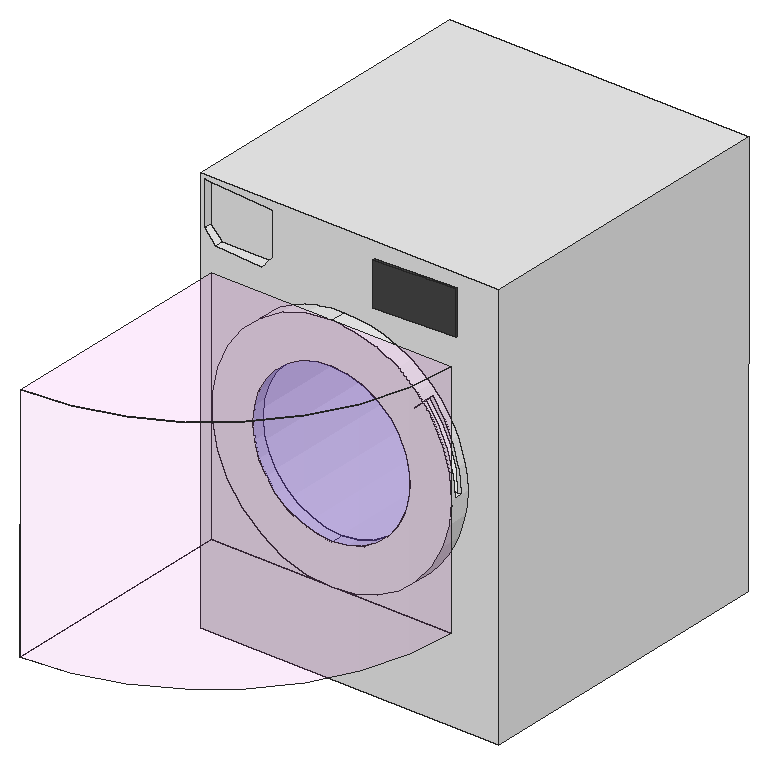
Revit family "QF_Summit_SLW241W_Washer", category Specialty Equipment, Revit 2020
Family settings
  Round Connector Dimension = Use Diameter
  Part Type = Normal
  Work Plane-Based = No
  Always vertical = Yes
  Cut with Voids When Loaded = No
  Shared = No
  Room Calculation Point = No
Parameters
  Weight in Pounds = 172
  Watts = Volts * FL Amps  # 3300 W
  Waste Water Discharge Temperature = -459.67 °F
  Volts = 220 V
  URL Cutsheet = ""
  Specification by User = ""
  Specification by Manufacturer = ""
  Show Clearance [instance] = yes
  Serial Number = ""
  Seismic Rating = ""
  SMACNA No = ""
  Revision Code = ""
  Plumbing Remarks = ""
  Plumbing Connection Type = ""
  Phase = 1
  Number of Poles = 1
  NAFEM Spec ID Number = ""
  Model = "SLW241W"
  Min Ckt Ampacity = 0 A
  Max Overcurrent Protection = 0 A
  Masterspec = ""
  Manufacturer = "Summit"
  Length = 23.63"
  Item Number = ""
  Installed By = ""
  Indirect Waste Size = 1/2"
  Indirect Waste Flow = 0 GPM
  Indirect Waste Connection Type = ""
  Indirect Waste Connection Height = 0"
  Identify Quantity as Lot = yes
  Height = 33"
  HP = ""
  Furnished By = ""
  Foodservice Equipment Identifier = yes
  FL Amps = 15 A
  Electrical Remarks = ""
  Electric Connection Type = ""
  Elec Conn RI Height = 0"
  Elec Conn Connection Height = 0"
  Description = "Washer"
  Depth = 26 1/2"
  Default Elevation = 0"
  Cycle = 60 Hz
  Conn Plug = ""
  Conn Conduit = yes
  CSI MasterFormat = ""
  Apparent Power = 0 VA
Reference planes (in)
  plane 1 "BACK": y = 0
  plane 2: z = 0
  plane 3 "LEFT": x = 0
  plane 4 "RIGHT": x = 23.63
  plane 5 "FRONT": y = -26.5
  plane 6 "TOP": z = 33
  plane 7 "Center Y": x = 11.815
  plane 8 "Center X": y = -13.25
Dimensions and locks (in)
  equal spacing: plane 3 "LEFT", plane 7 "Center Y", plane 4 "RIGHT"
  "Length": plane 3 "LEFT" to plane 4 "RIGHT"
  equal spacing: plane 5 "FRONT", plane 8 "Center X", plane 1 "BACK"
  "Depth": plane 5 "FRONT" to plane 1 "BACK"
  "Height": plane 6 "TOP" to level
  aligned and locked: level to plane 2
Nested families (in)
  nested 1: "SLW241W" at (0, 0, 0), Show Clearance <- "Show Clearance", type "SLW241W"
    with Show Clearance yes
Connectors (in)
  electrical at (21.30856, 0.03125, 30.38377), driven by "Volts", driven by "Watts"
    settings: on nested 1, index 1, voltage 220 V, apparent load 3300 VA, apparent load phase1 0 VA, apparent load phase2 0 VA, apparent load phase3 0 VA, power factor 1, load classification "Other", number of poles 1, system type 30, power factor state 1, is connector primary yes, connector utility no, sub classification motor no, connector description "ELECTRICAL CONNECTION"
  piping at (21.32796, 0.03125, 3.09496), diameter 0.5
    settings: on nested 1, index 2, connector inside diameter 24", connector length 0", flow factor 0, pipe flow 0 GPM, pressure drop 0.00 psi, fitting loss kfactor 0, connector angle 0.00°, fixture units 0, engagement length 0", angle of deflection 0.00°, flow configuration 1, flow direction 2, fitting loss method 0, system type 16, joint type 0, gender type 0, connector reference index -1, connector utility 0, adjustable connector no, is connector primary yes, connector description "DRAIN"
Definition of nested family "SLW241W"
  Parameters (values of type "SLW241W")
    Weight in Pounds = 0
    URL Cutsheet = ""
    Specification by User = ""
    Specification by Manufacturer = ""
    Show Clearance [instance] = yes
    Serial Number = ""
    Seismic Rating = ""
    SMACNA No = ""
    Revision Code = ""
    NAFEM Spec ID Number = ""
    Masterspec = ""
    Length = 23.63"
    Item Number = ""
    Installed By = ""
    Identify Quantity as Lot = yes
    Height = 33"
    Furnished By = ""
    Foodservice Equipment Identifier = yes
    Depth = 26 1/2"
    Default Elevation = 0"
    CSI MasterFormat = ""
  Reference planes (in)
    plane 1 "BACK": y = 0
    plane 2: z = 0
    plane 3 "LEFT": x = 0
    plane 4 "RIGHT": x = 23.63
    plane 5 "FRONT": y = -26.5
    plane 6 "TOP": z = 33
    plane 7 "Center Y": x = 11.815
    plane 8 "Center X": y = -13.25
    plane 9: y = -24.74063
    plane 10: y = -45.5
  Forms (in)
    Extrusion 1, solid
      sketch origin (-2.32989, -180, 0.69367) x (-1, 0, 0) y (0, -1, 0)
        loop
          line (-2.32989, -180) -> (-2.32989, -155.25937)
          arc (-2.32989, -155.25937) -> (-14.14489, -154.67897) -> (-25.95989, -155.25937) r 120.54737
          line (-25.95989, -155.25937) -> (-25.95989, -180) -> (-2.32989, -180)
      from 0 to 32.30633
    Extrusion 2, solid
      sketch origin (0, -24.74063, 33) x (0, 0, -1) y (1, 0, 0)
        loop
          circle (15, 11.815) r 9.5
        loop
          circle (15, 11.815) r 6.25
      from -1.25 to 1.75937
    Extrusion 3, void
      sketch origin (-9.40533, -8.1954, 48) x (1, 0, 0) y (0, 0, 1)
        loop
          circle (21.22033, -30) r 9.25
      from 0 to 17.3494
    Extrusion 4, solid
      sketch origin (0, -26.5, 33) x (0, 0, -1) y (1, 0, 0)
        loop
          circle (15, 11.815) r 6.25
      from 0 to -0.95521
    Extrusion 5, void
      sketch origin (0, 0, 0) x (1, 0, 0) y (0, 0, 1)
        loop
          line (0.33507, 32.71404) -> (0.33507, 29.27654) -> (1.27257, 28.33904) -> (5.14757, 28.33904) -> (6.08507, 29.27654) -> (6.08507, 32.71404) -> (0.33507, 32.71404)
      from 24.18146 to 25.39822
    Extrusion 6, solid
      sketch origin (-2.32989, -180, 0.69367) x (-1, 0, 0) y (0, -1, 0)
        loop
          line (-16.54807, -156) -> (-16.54807, -154.60178)
          arc (-16.54807, -154.60178) -> (-19.7062, -154.70446) -> (-22.86057, -154.88988) r 120.54737
          line (-22.86057, -154.88988) -> (-22.86057, -156) -> (-16.54807, -156)
      from 28.02443 to 31.4516
    Extrusion 7, void
      sketch origin (0, 0, 0) x (1, 0, 0) y (0, 0, 1)
        loop
          line (19.01937, 24.1925) -> (18.1466, 23.31974)
          arc (18.1466, 23.31974) -> (18.07344, 23.13766) -> (18.15426, 22.95885) r 0.25
          arc (18.15426, 22.95885) -> (19.64634, 20.83611) -> (20.11685, 18.28445) r 6.07631
          arc (20.11685, 18.28445) -> (20.18706, 18.1024) -> (20.36672, 18.02625) r 0.25
          line (20.36672, 18.02625) -> (21.31496, 18.02625)
          arc (21.31496, 18.02625) -> (20.71805, 21.31446) -> (19.01937, 24.1925) r 9.5
      from 25.54479 to 26.2372
    Extrusion 8, solid
      sketch origin (0, 0, 0) x (1, 0, 0) y (0, 0, 1)
        loop
          circle (21.32796, 3.09496) r 0.25
        loop
          circle (21.30856, 30.38377) r 0.25
      from 0 to -0.03125
    Revolve 9, solid
      sketch origin (0, -4, 0) x (1, 0, 0) y (0, 0, 1)
        loop
          line (3, 0.69367) -> (3, 0) -> (3.75, 0) -> (3.75, 0.34782) -> (3.5, 0.34782) -> (3.5, 0.69367) -> (3, 0.69367)
        axis (3, 0.69367) -> (3, 0)
      angle from 0 to 360
    Revolve 10, solid
      sketch origin (23.63, -4, 0) x (-1, 0, 0) y (0, 0, 1)
        loop
          line (3, 0.69367) -> (3, 0) -> (3.75, 0) -> (3.75, 0.34782) -> (3.5, 0.34782) -> (3.5, 0.69367) -> (3, 0.69367)
        axis (3, 0.69367) -> (3, 0)
      angle from 0 to 360
    Revolve 11, solid
      sketch origin (0, -22.5, 0) x (1, 0, 0) y (0, 0, -1)
        loop
          line (3, -0.69367) -> (3.5, -0.69367) -> (3.5, -0.34782) -> (3.75, -0.34782) -> (3.75, 0) -> (3, 0) -> (3, -0.69367)
        axis (3, -0.69367) -> (3, 0)
      angle from 0 to 360
    Revolve 12, solid
      sketch origin (23.63, -22.5, 0) x (-1, 0, 0) y (0, 0, 1)
        loop
          line (3, 0.69367) -> (3, 0) -> (3.75, 0) -> (3.75, 0.34782) -> (3.5, 0.34782) -> (3.5, 0.69367) -> (3, 0.69367)
        axis (3, 0.69367) -> (3, 0)
      angle from 0 to 360
    Extrusion 13, solid, visible <- "Show Clearance"
      sketch origin (11.815, -180, 8.5) x (-1, 0, 0) y (0, -1, 0)
        loop
          line (9.5, -153.5) -> (9.5, -134.5)
          arc (9.5, -134.5) -> (-3.93503, -140.06497) -> (-9.5, -153.5) r 19
          line (-9.5, -153.5) -> (9.5, -153.5)
      from 0 to 19
  Cuts and joins
    Extrusion 3, Extrusion 5, Extrusion 7 cuts Extrusion 1
    Extrusion 3, Extrusion 5, Extrusion 7 cuts Extrusion 2
    Extrusion 7 cuts Extrusion 6
    joined: Extrusion 1, Extrusion 2, Extrusion 6
  Lines and regions (in)
    Split face 1
      outline origin (11.815, -26.5, 8.5) x (1, 0, 0) y (0, 0, 1)
        loop
          circle (0, 9.5) r 8.5
    symbolic lines, visible <- "Show Clearance"
      curve 1: arc (18.76948, -36, 0) -> (20.66759, -31.41756, 0) -> (21.315, -26.5, 0) r 19
      curve 2: line (2.315, -26.5, 0) -> (18.76948, -36, 0)
    symbolic lines
      curve 3: line (0, 0, 0) -> (0, -24.74063, 0)
      curve 4: arc (0, -24.74063, 0) -> (11.815, -25.32103, 0) -> (23.63, -24.74063, 0) r 120.54737
      curve 5: line (23.63, -24.74063, 0) -> (23.63, 0, 0)
      curve 6: line (23.63, 0, 0) -> (0, 0, 0)
      curve 7: arc (14.21818, -25.39822, 0) -> (17.37631, -25.29554, 0) -> (20.53068, -25.11012, 0) r 120.54737
      curve 8: line (14.21818, -25.39822, 0) -> (14.21818, -25.29707, 0)
      curve 9: line (20.53068, -25.11012, 0) -> (20.53068, -25.00554, 0)
      curve 10: line (19.01937, -25.54479, 0) -> (19.01937, -26.2372, 0)
      curve 11: line (19.01937, -26.2372, 0) -> (21.315, -26.2372, 0)
      curve 12: line (19.01937, -25.54479, 0) -> (21.315, -25.54479, 0)
      curve 13: line (21.315, -26.5, 0) -> (21.315, -24.94611, 0)
      curve 14: line (21.315, -26.5, 0) -> (2.315, -26.5, 0)
      curve 15: line (2.315, -26.5, 0) -> (2.315, -24.94611, 0)
  Dimensions and locks (in)
    equal spacing: plane 3 "LEFT", plane 7 "Center Y", plane 4 "RIGHT"
    "Length": plane 3 "LEFT" to plane 4 "RIGHT"
    equal spacing: plane 5 "FRONT", plane 8 "Center X", plane 1 "BACK"
    "Depth": plane 5 "FRONT" to plane 1 "BACK"
    "Height": plane 6 "TOP" to level
    plane 1 "BACK" to plane 10 = 45 1/2"
    aligned and locked: level to plane 2
  Automatic sketch dimensions
    Extrusion 2 sketch curve to Extrusion 2 sketch curve = 0"  (x2)
    Extrusion 2 sketch curve to plane 7 "Center Y" = 0"
    Extrusion 2 sketch curve to plane 6 "TOP" = 15"
    Extrusion 3 sketch curve to plane 7 "Center Y" = 0"
    Extrusion 3 sketch curve to plane 6 "TOP" = 15"
    plane 3 "LEFT" to Extrusion 5 sketch curve = 0.33507"
    plane 3 "LEFT" to Extrusion 5 sketch curve = 1.27257"
    Extrusion 5 sketch curve to Extrusion 5 sketch curve = 3 7/8"
    Extrusion 5 sketch curve to plane 6 "TOP" = 0.28596"
    Extrusion 5 sketch curve to Extrusion 5 sketch curve = 15/16"  (x2)
    Extrusion 5 sketch curve to Extrusion 5 sketch curve = 3 7/16"  (x2)
    Extrusion 6 sketch curve to plane 9 = 0.74063"
    plane 4 "RIGHT" to Extrusion 6 sketch curve = 3.09932"
    plane 9 to Extrusion 6 sketch curve = 0.65759"
    plane 7 "Center Y" to Extrusion 6 sketch curve = 2.40318"
    plane 7 "Center Y" to Extrusion 6 sketch curve = 0.06528"
    Extrusion 6 sketch curve to plane 1 "BACK" = 95.12647"
    Extrusion 7 sketch curve to plane 7 "Center Y" = 0"
    plane 7 "Center Y" to Extrusion 7 sketch curve = 2.22881"
    plane 4 "RIGHT" to Extrusion 7 sketch curve = 5.4834"
    Extrusion 7 sketch curve to Extrusion 7 sketch curve = 0.17678"  (x2)
    Extrusion 7 sketch curve to Extrusion 7 sketch curve = 0.87276"
    plane 4 "RIGHT" to Extrusion 7 sketch curve = 3.26328"
    Extrusion 7 sketch curve to Extrusion 7 sketch curve = 0.94825"
    Extrusion 7 sketch curve to plane 6 "TOP" = 15"
    Extrusion 7 sketch curve to Extrusion 7 sketch curve = 0.02625"
    Extrusion 7 sketch curve to Extrusion 7 sketch curve = 1/4"
    Extrusion 7 sketch curve to Extrusion 7 sketch curve = 0.48383"
    Extrusion 7 sketch curve to Extrusion 7 sketch curve = 1.04954"
    Extrusion 7 sketch curve to Extrusion 7 sketch curve = 0"
    plane 4 "RIGHT" to Extrusion 8 sketch curve = 2.32144"
    plane 4 "RIGHT" to Extrusion 8 sketch curve = 2.30204"
    level to Extrusion 8 sketch curve = 3.09496"
    Extrusion 8 sketch curve to plane 6 "TOP" = 2.61623"
    Revolve 9 sketch curve to level = 0"
    level to Revolve 9 sketch curve = 0.69367"
    plane 3 "LEFT" to Revolve 9 sketch curve = 3"
    Revolve 9 sketch curve to Revolve 9 sketch curve = 1/2"
    Revolve 9 sketch curve to Revolve 9 sketch curve = 1/4"  (x2)
    Revolve 9 sketch curve to Revolve 9 sketch curve = 0.34585"
    Revolve 9 sketch curve to Revolve 9 sketch curve = 0"  (x2)
    Revolve 10 sketch curve to level = 0"
    Revolve 10 sketch curve to level = 0.69367"
    Revolve 10 sketch curve to plane 4 "RIGHT" = 3"
    Revolve 10 sketch curve to Revolve 10 sketch curve = 1/2"
    Revolve 10 sketch curve to Revolve 10 sketch curve = 1/4"  (x2)
    Revolve 10 sketch curve to Revolve 10 sketch curve = 0.34585"
    Revolve 10 sketch curve to Revolve 10 sketch curve = 0"  (x2)
    Revolve 11 sketch curve to level = 0"
    level to Revolve 11 sketch curve = 0.69367"
    plane 3 "LEFT" to Revolve 11 sketch curve = 3"
    Revolve 11 sketch curve to Revolve 11 sketch curve = 1/2"
    Revolve 11 sketch curve to Revolve 11 sketch curve = 1/4"  (x2)
    level to Revolve 11 sketch curve = 0.34782"
    Revolve 11 sketch curve to Revolve 11 sketch curve = 0"  (x2)
    Revolve 12 sketch curve to level = 0"
    level to Revolve 12 sketch curve = 0.69367"
    plane 4 "RIGHT" to Revolve 12 sketch curve = 3"
    Revolve 12 sketch curve to Revolve 12 sketch curve = 1/2"
    Revolve 12 sketch curve to Revolve 12 sketch curve = 1/4"  (x2)
    Revolve 12 sketch curve to Revolve 12 sketch curve = 0.34585"
    Revolve 12 sketch curve to Revolve 12 sketch curve = 0"  (x2)
    plane 5 "FRONT" to Extrusion 13 sketch curve = 0"
    Extrusion 13 sketch curve to plane 10 = 0"
    plane 4 "RIGHT" to Extrusion 13 sketch curve = 2.315"
    plane 1 "BACK" to curve 6 = 0"
    curve 6 to plane 3 "LEFT" = 0"
    plane 5 "FRONT" to curve 2 = 0"
    curve 4 to plane 7 "Center Y" = 0"
    curve 6 to plane 4 "RIGHT" = 0"
    plane 9 to curve 3 = 0"
    plane 3 "LEFT" to curve 2 = 2.315"
    curve 1 to curve 2 = 0"
    plane 7 "Center Y" to curve 7 = 0.06528"
    plane 9 to curve 8 = 0.65759"
    plane 7 "Center Y" to curve 8 = 2.40318"
    plane 4 "RIGHT" to curve 2 = 4.86052"
    plane 9 to curve 10 = 0.80416"
    plane 4 "RIGHT" to curve 10 = 4.61063"
    plane 9 to curve 9 = 0.36949"
    curve 10 to curve 9 = 1.51131"
    curve 9 to curve 13 = 0.78432"
    curve 11 to plane 5 "FRONT" = 0.2628"
    curve 7 to curve 4 = 0.09986"
    plane 1 "BACK" to Extrusion 1 sketch curve = 0"
    Extrusion 1 sketch curve to plane 4 "RIGHT" = 0"
    Extrusion 1 sketch curve to plane 7 "Center Y" = 0"
    Extrusion 1 sketch curve to plane 3 "LEFT" = 0"
    plane 9 to Extrusion 1 sketch curve = 0"
    Extrusion 1 sketch curve to plane 1 "BACK" = 95.22634"
    radius of Extrusion 2 sketch curve = 9 1/2"
    radius of Extrusion 2 sketch curve = 6 1/4"
    radius of Extrusion 3 sketch curve = 9 1/4"
    radius of Extrusion 4 sketch curve to Extrusion 2 = 0"
    radius of Extrusion 8 sketch curve = 1/4"  (x2)
    radius of Split face 1 sketch curve to cut or joined group of Extrusion 1, Extrusion 2, Extrusion 3, Extrusion 5, Extrusion 6, Extrusion 7 = 1"
